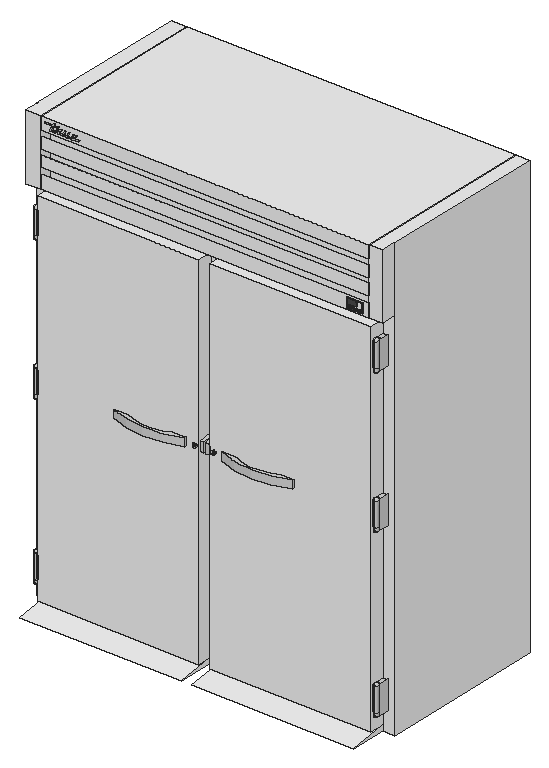
Revit family
Parameters
  Weight in Pounds = 0
  Watts = Volts * FL Amps  # 1357 W
  Volts = 115 V
  URL Cutsheet = "www.truemfg.com"
  URL = "www.truemfg.com"
  Type Mark [instance] = ""
  Type Comments = ""
  Status [instance] = ""
  Specification by User [instance] = ""
  Specification by Manufacturer = ""
  Show Logo [instance] = yes
  Show Clearance [instance] = yes
  Serial Number = ""
  Seismic Rating = ""
  SMACNA No = ""
  Revision Code [instance] = ""
  Phase = 1
  Omniclass Number and Title = ""
  Number of Poles [instance] = 1
  NAFEM Spec ID Number = ""
  Model = "STA2RRI-2S"
  Min Ckt Ampacity = 0 A
  Max Overcurrent Protection = 0 A
  Masterspec = ""
  Manufacturer = "TRUE FOOD SERVICE EQUIPMENT, INC."
  Length = 68"
  Item Number [instance] = ""
  Installed By [instance] = ""
  Identify Quantity as Lot [instance] = yes
  Height = 83 3/4"
  HP = "1/2"
  Furnished By [instance] = ""
  Foodservice Equipment Identifier [instance] = yes
  FL Amps = 11.8 A
  Electrical Remarks [instance] = ""
  Electric Connection Type [instance] = ""
  Elec Conn RI Height [instance] = 0"
  Elec Conn Connection Height [instance] = 0"
  Description = "Roll-in Solid Swing Door Refrigerator"
  Depth = 34 3/4"
  Cycle = 60 Hz
  Conn Plug = "5-15P"
  Conn Conduit = yes
  CSI MasterFormat = ""
  CSI Master Format = ""
  Apparent Power = if(Phase = 3, Volts * FL Amps * 1.73, Volts * FL Amps)  # 1357 VA
Reference planes (in)
  plane 1 "BACK": y = 0
  plane 2: z = 0
  plane 3 "LEFT": x = 0
  plane 4 "RIGHT": x = 68
  plane 5 "FRONT": y = -34.75
  plane 6 "TOP": z = 83.75
  plane 7: x = 2.84375
  plane 8: y = -34.7042
  plane 9: x = 34
  plane 10: z = 69.90625
Forms (in)
  Extrusion 1, solid, material "QF_Finishes_Chrome - Satin"
    sketch origin (0.05, 0, 0) x (1, 0, 0) y (0, 1, 0)
      loop
        line (-0.05, 0) -> (-0.05, -32) -> (2.87859, -32) -> (2.87859, 0) -> (-0.05, 0)
    from 0 to 83.75
  Extrusion 2, solid, material "QF_Finishes_Chrome - Satin"
    sketch origin (50.15, 0, 0) x (1, 0, 0) y (0, 1, 0)
      loop
        line (15.15, 0) -> (15.15, -32) -> (17.85, -32) -> (17.85, 0) -> (15.15, 0)
    from 0 to 83.75
  Extrusion 3, solid, material "QF_Finishes_Chrome - Satin"
    sketch origin (0, 0, 0) x (0, 1, 0) y (0, 0, 1)
      loop
        line (-34.7042, 71.28125) -> (-32, 71.28125) -> (-32, 0) -> (0, 0) -> (0, 83.75) -> (-34.7042, 83.75) -> (-34.7042, 81.40578) -> (-32.5, 79.83852) -> (-32.5, 78.71625) -> (-34.7042, 80.28351) -> (-34.7042, 78.1498) -> (-32.5, 76.58254) -> (-32.5, 75.62178) -> (-34.7042, 77.18904) -> (-34.7042, 75.09284) -> (-32.5, 73.52557) -> (-32.5, 72.25) -> (-34.7042, 73.81726) -> (-34.7042, 71.28125)
    from 2.92859 to 65.3
  Extrusion 4, solid, material "QF_Finishes_Chrome - Satin"
    sketch origin (0, 0, 0) x (1, 0, 0) y (0, 1, 0)
      loop
        line (67.84782, -32) -> (65.3, -32) -> (65.3, -34.75) -> (67.84782, -34.75) -> (67.84782, -32)
    from 71.28125 to 83.75
  Extrusion 5, solid, material "QF_Finishes_Chrome - Satin"
    sketch origin (-50.125, 0, 0.25) x (1, 0, 0) y (0, 1, 0)
      loop
        line (53.05359, -32) -> (50.24109, -32) -> (50.24109, -34.75) -> (53.05359, -34.75) -> (53.05359, -32)
    from 71.03125 to 83.5
  Extrusion 6, solid, material "QF_Finishes_Chrome - Satin"
    sketch origin (8.03125, -1, -0.71875) x (1, 0, 0) y (0, 0, 1)
      loop
        line (26.96875, 1.71875) -> (57.65625, 1.71875) -> (57.65625, 70.625) -> (26.96875, 70.625) -> (26.96875, 1.71875)
    from 31 to 33.75
  Extrusion 7, solid, material "QF_Finishes_Handrails and Railings"
    sketch origin (91.34375, -0.25, 26.43519) x (1, 0, 0) y (0, 1, 0)
      loop
        line (-53.875, -34.5) -> (-53.875, -34.7)
        arc (-53.875, -34.7) -> (-47.075, -36.14405) -> (-40.275, -34.7) r 16.7325
        line (-40.275, -34.7) -> (-40.275, -34.5) -> (-42.675, -34.5)
        arc (-42.675, -34.5) -> (-47.075, -35.65816) -> (-51.475, -34.5) r 8.93715
        line (-51.475, -34.5) -> (-53.875, -34.5)
    from 10.87731 to 12.37731
  Extrusion 8, solid, material "QF_Finishes_Handrails and Railings"
    sketch origin (9.34375, -1.08467, -2) x (1, 0, 0) y (0, 0, 1)
      loop
        circle (26.4375, 40.0625) r 0.35
      loop
        line (26.47265, 40.33635) -> (26.41715, 40.33635) -> (26.41715, 39.76895) -> (26.47265, 39.76895) -> (26.47265, 40.33635)
    from 33.5 to 33.83066
  Extrusion 9, solid, material "QF_Finishes_Handrails and Railings", visible <- "Show Logo"
    sketch origin (0.33478, 0.06376, 5.00294) x (1, 0, 0) y (0, 0, 1)
      loop
        line (3.46044, 78.08731) -> (3.35478, 77.86073) -> (4.76027, 77.86073)
        arc (4.76027, 77.86073) -> (4.78879, 77.81028) -> (4.76027, 77.75984) r 0.05887
        line (4.76027, 77.75984) -> (4.39369, 76.97372)
        arc (4.39369, 76.97372) -> (4.39051, 76.90091) -> (4.43975, 76.84717) r 0.09523
        line (4.43975, 76.84717) -> (5.33844, 76.84717)
        arc (5.33844, 76.84717) -> (5.45192, 76.88295) -> (5.52436, 76.97735) r 0.19785
        line (5.52436, 76.97735) -> (5.81285, 77.59601) -> (6.0779, 77.59601)
        arc (6.0779, 77.59601) -> (6.14744, 77.57043) -> (6.13737, 77.49703) r 0.05911
        line (6.13737, 77.49703) -> (5.89598, 76.97937)
        arc (5.89598, 76.97937) -> (5.89974, 76.8934) -> (5.97231, 76.84717) r 0.09318
        line (5.97231, 76.84717) -> (6.76198, 76.84717)
        arc (6.76198, 76.84717) -> (6.82249, 76.86919) -> (6.85468, 76.92495) r 0.09412
        arc (6.85468, 76.92495) -> (6.87746, 76.86995) -> (6.93246, 76.84717) r 0.07778
        line (6.93246, 76.84717) -> (7.43246, 76.84717)
        arc (7.43246, 76.84717) -> (7.49022, 76.86265) -> (7.53251, 76.90493) r 0.11552
        arc (7.53251, 76.90493) -> (7.55275, 76.85606) -> (7.60162, 76.83581) r 0.06912
        line (7.60162, 76.83581) -> (8.31225, 76.83581)
        arc (8.31225, 76.83581) -> (8.37034, 76.85988) -> (8.39441, 76.91797) r 0.08216
        arc (8.39441, 76.91797) -> (8.44767, 76.86472) -> (8.52042, 76.84522) r 0.14551
        line (8.52042, 76.84522) -> (9.85158, 76.84522) -> (9.99946, 77.10134) -> (8.65678, 77.10134)
        arc (8.65678, 77.10134) -> (8.61972, 77.12704) -> (8.61834, 77.17211) r 0.05009
        line (8.61834, 77.17211) -> (8.64157, 77.22192)
        arc (8.64157, 77.22192) -> (8.67723, 77.26864) -> (8.73327, 77.28635) r 0.09747
        line (8.73327, 77.28635) -> (9.16485, 77.28635)
        arc (9.16485, 77.28635) -> (9.258, 77.31131) -> (9.32619, 77.3795) r 0.1863
        line (9.32619, 77.3795) -> (9.45119, 77.59601)
        arc (9.45119, 77.59601) -> (9.45119, 77.71157) -> (9.35111, 77.76934) r 0.11556
        line (9.35111, 77.76934) -> (8.89562, 77.76934)
        arc (8.89562, 77.76934) -> (8.7795, 77.74962) -> (8.69849, 77.66412) r 0.18605
        line (8.69849, 77.66412) -> (8.48204, 77.19993)
        arc (8.48204, 77.19993) -> (8.41815, 77.11667) -> (8.31806, 77.08511) r 0.1745
        line (8.31806, 77.08511) -> (7.84559, 77.08511)
        arc (7.84559, 77.08511) -> (7.78903, 77.14684) -> (7.79268, 77.23048) r 0.10939
        line (7.79268, 77.23048) -> (8.04395, 77.76934) -> (7.88403, 77.76934) -> (7.61781, 77.19844)
        arc (7.61781, 77.19844) -> (7.56609, 77.13103) -> (7.48505, 77.10548) r 0.14128
        line (7.48505, 77.10548) -> (7.15925, 77.10548)
        arc (7.15925, 77.10548) -> (7.10419, 77.17723) -> (7.116, 77.26689) r 0.11816
        line (7.116, 77.26689) -> (7.3503, 77.76934) -> (7.18514, 77.76934) -> (6.91546, 77.191)
        arc (6.91546, 77.191) -> (6.85285, 77.12839) -> (6.76733, 77.10548) r 0.17104
        line (6.76733, 77.10548) -> (6.29555, 77.10548)
        arc (6.29555, 77.10548) -> (6.21082, 77.14499) -> (6.20267, 77.23813) r 0.0935
        line (6.20267, 77.23813) -> (6.35774, 77.57069) -> (6.57695, 77.57069)
        arc (6.57695, 77.57069) -> (6.61395, 77.68217) -> (6.69267, 77.76934) r 0.2857
        line (6.69267, 77.76934) -> (5.83605, 77.76934)
        arc (5.83605, 77.76934) -> (5.74086, 77.74824) -> (5.67498, 77.67635) r 0.16212
        line (5.67498, 77.67635) -> (5.44279, 77.17841)
        arc (5.44279, 77.17841) -> (5.3894, 77.12502) -> (5.31647, 77.10548) r 0.14586
        line (5.31647, 77.10548) -> (4.80506, 77.10548)
        arc (4.80506, 77.10548) -> (4.76514, 77.15942) -> (4.77274, 77.22609) r 0.09155
        line (4.77274, 77.22609) -> (5.11018, 77.86073) -> (5.96155, 77.86073) -> (6.06721, 78.08731) -> (5.21584, 78.08731) -> (5.32149, 78.31388) -> (5.01862, 78.31388) -> (4.91297, 78.08731) -> (3.46044, 78.08731)
      loop
        arc (8.83805, 77.56363) -> (8.80119, 77.55375) -> (8.7742, 77.52676) r 0.07373
        line (8.7742, 77.52676) -> (8.75229, 77.45936)
        arc (8.75229, 77.45936) -> (8.76245, 77.43483) -> (8.78699, 77.42466) r 0.0347
        line (8.78699, 77.42466) -> (9.15948, 77.42466)
        arc (9.15948, 77.42466) -> (9.18632, 77.43061) -> (9.20812, 77.44734) r 0.0635
        line (9.20812, 77.44734) -> (9.22624, 77.53122)
        arc (9.22624, 77.53122) -> (9.22091, 77.55368) -> (9.20009, 77.56363) r 0.02676
        line (9.20009, 77.56363) -> (8.83805, 77.56363)
    from 34.76797 to 34.83173
  Extrusion 10, solid, material "QF_Finishes_White"
    sketch origin (-22.74812, 0.0458, -7.95638) x (1, 0, 0) y (0, 0, 1)
      loop
        line (83.81732, 81.35727) -> (83.81732, 79.60996) -> (86.72357, 79.60996) -> (86.72357, 81.35727) -> (83.81732, 81.35727)
    from 34.75 to 34.76797
  Extrusion 11, solid, material "QF_Finishes_Black"
    sketch origin (-22.74812, 0.0458, -7.95638) x (1, 0, 0) y (0, 0, 1)
      loop
        line (86.78607, 81.41977) -> (83.75482, 81.41977) -> (83.75482, 79.54746) -> (86.78607, 79.54746) -> (86.78607, 81.41977)
      loop
        spline (83.95482, 79.87872) -> (83.96333, 79.86254) -> (83.98831, 79.84747) -> (84.02804, 79.83452) -> (84.07982, 79.82459) -> (84.14011, 79.81835) -> (84.20482, 79.81622) -> (84.26952, 79.81835) -> (84.32982, 79.82459) -> (84.38159, 79.83452) -> (84.42132, 79.84747) -> (84.4463, 79.86254) -> (84.45482, 79.87872)
        spline (84.45482, 79.87872) -> (84.4463, 79.89489) -> (84.42132, 79.90997) -> (84.38159, 79.92291) -> (84.32982, 79.93284) -> (84.26952, 79.93909) -> (84.20482, 79.94122) -> (84.14011, 79.93909) -> (84.07982, 79.93284) -> (84.02804, 79.92291) -> (83.98831, 79.90997) -> (83.96333, 79.89489) -> (83.95482, 79.87872)
      loop
        spline (84.65083, 79.87872) -> (84.65935, 79.86254) -> (84.68432, 79.84747) -> (84.72405, 79.83452) -> (84.77583, 79.82459) -> (84.83612, 79.81835) -> (84.90083, 79.81622) -> (84.96553, 79.81835) -> (85.02583, 79.82459) -> (85.07761, 79.83452) -> (85.11734, 79.84747) -> (85.14231, 79.86254) -> (85.15083, 79.87872)
        spline (85.15083, 79.87872) -> (85.14231, 79.89489) -> (85.11734, 79.90997) -> (85.07761, 79.92291) -> (85.02583, 79.93284) -> (84.96553, 79.93909) -> (84.90083, 79.94122) -> (84.83612, 79.93909) -> (84.77583, 79.93284) -> (84.72405, 79.92291) -> (84.68432, 79.90997) -> (84.65935, 79.89489) -> (84.65083, 79.87872)
      loop
        spline (85.40083, 79.87872) -> (85.40935, 79.86254) -> (85.43432, 79.84747) -> (85.47405, 79.83452) -> (85.52583, 79.82459) -> (85.58612, 79.81835) -> (85.65083, 79.81622) -> (85.71553, 79.81835) -> (85.77583, 79.82459) -> (85.82761, 79.83452) -> (85.86734, 79.84747) -> (85.89231, 79.86254) -> (85.90083, 79.87872)
        spline (85.90083, 79.87872) -> (85.89231, 79.89489) -> (85.86734, 79.90997) -> (85.82761, 79.92291) -> (85.77583, 79.93284) -> (85.71553, 79.93909) -> (85.65083, 79.94122) -> (85.58612, 79.93909) -> (85.52583, 79.93284) -> (85.47405, 79.92291) -> (85.43432, 79.90997) -> (85.40935, 79.89489) -> (85.40083, 79.87872)
      loop
        line (83.95481, 81.21978) -> (83.95481, 80.21978) -> (85.65433, 80.21978) -> (85.65433, 81.21978) -> (83.95481, 81.21978)
      loop
        line (86.72357, 81.35727) -> (83.81732, 81.35727) -> (83.81732, 79.60996) -> (86.72357, 79.60996) -> (86.72357, 81.35727)
      loop
        spline (86.15083, 79.87872) -> (86.15935, 79.86254) -> (86.18432, 79.84747) -> (86.22405, 79.83452) -> (86.27583, 79.82459) -> (86.33612, 79.81835) -> (86.40083, 79.81622) -> (86.46553, 79.81835) -> (86.52583, 79.82459) -> (86.57761, 79.83452) -> (86.61734, 79.84747) -> (86.64231, 79.86254) -> (86.65083, 79.87872)
        spline (86.65083, 79.87872) -> (86.64231, 79.89489) -> (86.61734, 79.90997) -> (86.57761, 79.92291) -> (86.52583, 79.93284) -> (86.46553, 79.93909) -> (86.40083, 79.94122) -> (86.33612, 79.93909) -> (86.27583, 79.93284) -> (86.22405, 79.92291) -> (86.18432, 79.90997) -> (86.15935, 79.89489) -> (86.15083, 79.87872)
    from 34.76797 to 34.80335
  Extrusion 12, solid
    sketch origin (-25.125, 0, 0) x (1, 0, 0) y (0, 0, 1)
      loop
        circle (89.875, 81.625) r 0.25
    from 0 to 0.0625
  Blend 13, solid, material "QF_Finishes_Handrails and Railings"
    base sketch origin (60.25, -1, 0) x (-1, 0, 0) y (0, 0, -1)
      loop
        line (25.25, -38.99169) -> (26, -38.99169) -> (26, -37.24169) -> (25.25, -37.24169) -> (25.25, -38.99169)
    top sketch origin (60.25, 0, 0) x (-1, 0, 0) y (0, 0, -1)
      loop
        line (26.18223, -36.6441) -> (25.25, -36.6441) -> (25.25, -39.42643) -> (26.18223, -39.42643) -> (26.18223, -36.6441)
    from 33.57883 to 32
  Extrusion 14, solid, material "QF_Finishes_Handrails and Railings"
    sketch origin (66.78125, 0, 3.5) x (0, 1, 0) y (0, 0, -1)
      loop
        line (-32, -64.17729) -> (-32, -58.86127) -> (-34.25, -58.86127) -> (-34.25, -59.57348) -> (-33.81497, -59.57348) -> (-33.81497, -63.97276)
        arc (-33.81497, -63.97276) -> (-33.75506, -64.11738) -> (-33.61044, -64.17729) r 0.20453
        line (-33.61044, -64.17729) -> (-32, -64.17729)
    from 0.17506 to 1
  Revolve 15, solid, material "QF_Finishes_Handrails and Railings"
    sketch origin (66.28125, 0, 3.5) x (0, 1, 0) y (0, 0, -1)
      loop
        line (-34.26563, -59.62689) -> (-34.67229, -59.62689) -> (-34.67229, -64.0986)
        arc (-34.67229, -64.0986) -> (-34.53722, -64.35057) -> (-34.26563, -64.43983) r 0.3848
        line (-34.26563, -64.43983) -> (-34.26563, -59.62689)
      loop
        line (-34.26563, -59.57348) -> (-34.26563, -58.67281)
        arc (-34.26563, -58.67281) -> (-34.53264, -58.75883) -> (-34.67229, -59.00212) r 0.38884
        line (-34.67229, -59.00212) -> (-34.67229, -59.57348) -> (-34.26563, -59.57348)
      axis (-34.26563, -58.67281) -> (-34.26563, -64.43983)
    angle from 0 to 360
  Extrusion 16, solid, material "QF_Finishes_Handrails and Railings"
    sketch origin (27.5, -1.07734, 3.5011) x (-1, 0, 0) y (0, 0, -1)
      loop
        line (-38.58509, -64.0986) -> (-38.1875, -64.0986) -> (-38.1875, -59.62579) -> (-38.58509, -59.62579) -> (-38.58509, -64.0986)
    from 32.81497 to 33.59495
  Extrusion 17, solid, material "QF_Finishes_Handrails and Railings"
    sketch origin (66.78125, 0, -24) x (0, 1, 0) y (0, 0, -1)
      loop
        line (-32, -64.55229) -> (-32, -59.23627) -> (-34.25, -59.23627) -> (-34.25, -59.94848) -> (-33.81497, -59.94848) -> (-33.81497, -64.34776)
        arc (-33.81497, -64.34776) -> (-33.75506, -64.49238) -> (-33.61044, -64.55229) r 0.20453
        line (-33.61044, -64.55229) -> (-32, -64.55229)
    from 0.17506 to 1
  Revolve 18, solid, material "QF_Finishes_Handrails and Railings"
    sketch origin (66.28125, 0, -24) x (0, 1, 0) y (0, 0, -1)
      loop
        line (-34.26563, -60.00189) -> (-34.67229, -60.00189) -> (-34.67229, -64.4736)
        arc (-34.67229, -64.4736) -> (-34.53722, -64.72557) -> (-34.26563, -64.81483) r 0.3848
        line (-34.26563, -64.81483) -> (-34.26563, -60.00189)
      loop
        line (-34.26563, -59.94848) -> (-34.26563, -59.04781)
        arc (-34.26563, -59.04781) -> (-34.53264, -59.13383) -> (-34.67229, -59.37712) r 0.38884
        line (-34.67229, -59.37712) -> (-34.67229, -59.94848) -> (-34.26563, -59.94848)
      axis (-34.26563, -59.04781) -> (-34.26563, -64.81483)
    angle from 0 to 360
  Extrusion 19, solid, material "QF_Finishes_Handrails and Railings"
    sketch origin (27.5, -1.07734, -23.9989) x (-1, 0, 0) y (0, 0, -1)
      loop
        line (-38.58509, -64.4736) -> (-38.1875, -64.4736) -> (-38.1875, -60.00079) -> (-38.58509, -60.00079) -> (-38.58509, -64.4736)
    from 32.81497 to 33.59495
  Extrusion 20, solid, material "QF_Finishes_Handrails and Railings"
    sketch origin (66.78125, 0, -55.5) x (0, 1, 0) y (0, 0, -1)
      loop
        line (-32, -64.55229) -> (-32, -59.23627) -> (-34.25, -59.23627) -> (-34.25, -59.94848) -> (-33.81497, -59.94848) -> (-33.81497, -64.34776)
        arc (-33.81497, -64.34776) -> (-33.75506, -64.49238) -> (-33.61044, -64.55229) r 0.20453
        line (-33.61044, -64.55229) -> (-32, -64.55229)
    from 0.17506 to 1
  Revolve 21, solid, material "QF_Finishes_Handrails and Railings"
    sketch origin (66.28125, 0, -55.5) x (0, 1, 0) y (0, 0, -1)
      loop
        line (-34.26563, -60.00189) -> (-34.67229, -60.00189) -> (-34.67229, -64.4736)
        arc (-34.67229, -64.4736) -> (-34.53722, -64.72557) -> (-34.26563, -64.81483) r 0.3848
        line (-34.26563, -64.81483) -> (-34.26563, -60.00189)
      loop
        line (-34.26563, -59.94848) -> (-34.26563, -59.04781)
        arc (-34.26563, -59.04781) -> (-34.53264, -59.13383) -> (-34.67229, -59.37712) r 0.38884
        line (-34.67229, -59.37712) -> (-34.67229, -59.94848) -> (-34.26563, -59.94848)
      axis (-34.26563, -59.04781) -> (-34.26563, -64.81483)
    angle from 0 to 360
  Extrusion 22, solid, material "QF_Finishes_Handrails and Railings"
    sketch origin (27.5, -1.07734, -55.4989) x (-1, 0, 0) y (0, 0, -1)
      loop
        line (-38.58509, -64.4736) -> (-38.1875, -64.4736) -> (-38.1875, -60.00079) -> (-38.58509, -60.00079) -> (-38.58509, -64.4736)
    from 32.81497 to 33.59495
  Extrusion 23, solid, material "QF_Finishes_Chrome - Satin"
    sketch origin (65.6875, -1, 8.03125) x (0, 0, 1) y (0, -1, 0)
      loop
        line (-8.03125, 37.875) -> (-8.03125, 31) -> (-7.03125, 31) -> (-8.03125, 37.875)
    from 0 to -30.6875
  Extrusion 24, solid, material "QF_Finishes_Chrome - Satin"
    sketch origin (59.96875, -1, -0.71875) x (-1, 0, 0) y (0, 0, -1)
      loop
        line (26.96875, -1.71875) -> (26.96875, -70.625) -> (57.65625, -70.625) -> (57.65625, -1.71875) -> (26.96875, -1.71875)
    from 31 to 33.75
  Extrusion 25, solid, material "QF_Finishes_Handrails and Railings"
    sketch origin (-23.34375, -0.25, 26.43519) x (1, 0, 0) y (0, 1, 0)
      loop
        line (53.875, -34.5) -> (51.475, -34.5)
        arc (51.475, -34.5) -> (47.075, -35.65816) -> (42.675, -34.5) r 8.93715
        line (42.675, -34.5) -> (40.275, -34.5) -> (40.275, -34.7)
        arc (40.275, -34.7) -> (47.075, -36.14405) -> (53.875, -34.7) r 16.7325
        line (53.875, -34.7) -> (53.875, -34.5)
    from 10.87731 to 12.37731
  Extrusion 26, solid, material "QF_Finishes_Handrails and Railings"
    sketch origin (58.65625, -1.08467, -2) x (-1, 0, 0) y (0, 0, -1)
      loop
        circle (26.4375, -40.0625) r 0.35
      loop
        line (26.47265, -40.33635) -> (26.47265, -39.76895) -> (26.41715, -39.76895) -> (26.41715, -40.33635) -> (26.47265, -40.33635)
    from 33.5 to 33.83066
  Blend 27, solid, material "QF_Finishes_Handrails and Railings"
    base sketch origin (7.75, -1, 0) x (1, 0, 0) y (0, 0, 1)
      loop
        line (25.25, 38.99169) -> (25.25, 37.24169) -> (26, 37.24169) -> (26, 38.99169) -> (25.25, 38.99169)
    top sketch origin (7.75, 0, 0) x (1, 0, 0) y (0, 0, 1)
      loop
        line (26.18223, 36.6441) -> (26.18223, 39.42643) -> (25.25, 39.42643) -> (25.25, 36.6441) -> (26.18223, 36.6441)
    from 33.57883 to 32
  Extrusion 28, solid, material "QF_Finishes_Handrails and Railings"
    sketch origin (1.21875, 0, 3.5) x (0, 1, 0) y (0, 0, 1)
      loop
        line (-32, 64.17729) -> (-33.61044, 64.17729)
        arc (-33.61044, 64.17729) -> (-33.75506, 64.11738) -> (-33.81497, 63.97276) r 0.20453
        line (-33.81497, 63.97276) -> (-33.81497, 59.57348) -> (-34.25, 59.57348) -> (-34.25, 58.86127) -> (-32, 58.86127) -> (-32, 64.17729)
    from 0.17506 to 1
  Revolve 29, solid, material "QF_Finishes_Handrails and Railings"
    sketch origin (1.71875, 0, 3.5) x (0, 1, 0) y (0, 0, 1)
      loop
        line (-34.26563, 59.62689) -> (-34.26563, 64.43983)
        arc (-34.26563, 64.43983) -> (-34.53722, 64.35057) -> (-34.67229, 64.0986) r 0.3848
        line (-34.67229, 64.0986) -> (-34.67229, 59.62689) -> (-34.26563, 59.62689)
      loop
        line (-34.26563, 59.57348) -> (-34.67229, 59.57348) -> (-34.67229, 59.00212)
        arc (-34.67229, 59.00212) -> (-34.53264, 58.75883) -> (-34.26563, 58.67281) r 0.38884
        line (-34.26563, 58.67281) -> (-34.26563, 59.57348)
      axis (-34.26563, 58.67281) -> (-34.26563, 64.43983)
    angle from 0 to 360
  Extrusion 30, solid, material "QF_Finishes_Handrails and Railings"
    sketch origin (40.5, -1.07734, 3.5011) x (1, 0, 0) y (0, 0, 1)
      loop
        line (-38.58509, 64.0986) -> (-38.58509, 59.62579) -> (-38.1875, 59.62579) -> (-38.1875, 64.0986) -> (-38.58509, 64.0986)
    from 32.81497 to 33.59495
  Extrusion 31, solid, material "QF_Finishes_Handrails and Railings"
    sketch origin (1.21875, 0, -24) x (0, 1, 0) y (0, 0, 1)
      loop
        line (-32, 64.55229) -> (-33.61044, 64.55229)
        arc (-33.61044, 64.55229) -> (-33.75506, 64.49238) -> (-33.81497, 64.34776) r 0.20453
        line (-33.81497, 64.34776) -> (-33.81497, 59.94848) -> (-34.25, 59.94848) -> (-34.25, 59.23627) -> (-32, 59.23627) -> (-32, 64.55229)
    from 0.17506 to 1
  Revolve 32, solid, material "QF_Finishes_Handrails and Railings"
    sketch origin (1.71875, 0, -24) x (0, 1, 0) y (0, 0, 1)
      loop
        line (-34.26563, 60.00189) -> (-34.26563, 64.81483)
        arc (-34.26563, 64.81483) -> (-34.53722, 64.72557) -> (-34.67229, 64.4736) r 0.3848
        line (-34.67229, 64.4736) -> (-34.67229, 60.00189) -> (-34.26563, 60.00189)
      loop
        line (-34.26563, 59.94848) -> (-34.67229, 59.94848) -> (-34.67229, 59.37712)
        arc (-34.67229, 59.37712) -> (-34.53264, 59.13383) -> (-34.26563, 59.04781) r 0.38884
        line (-34.26563, 59.04781) -> (-34.26563, 59.94848)
      axis (-34.26563, 59.04781) -> (-34.26563, 64.81483)
    angle from 0 to 360
  Extrusion 33, solid, material "QF_Finishes_Handrails and Railings"
    sketch origin (40.5, -1.07734, -23.9989) x (1, 0, 0) y (0, 0, 1)
      loop
        line (-38.58509, 64.4736) -> (-38.58509, 60.00079) -> (-38.1875, 60.00079) -> (-38.1875, 64.4736) -> (-38.58509, 64.4736)
    from 32.81497 to 33.59495
  Extrusion 34, solid, material "QF_Finishes_Handrails and Railings"
    sketch origin (1.21875, 0, -55.5) x (0, 1, 0) y (0, 0, 1)
      loop
        line (-32, 64.55229) -> (-33.61044, 64.55229)
        arc (-33.61044, 64.55229) -> (-33.75506, 64.49238) -> (-33.81497, 64.34776) r 0.20453
        line (-33.81497, 64.34776) -> (-33.81497, 59.94848) -> (-34.25, 59.94848) -> (-34.25, 59.23627) -> (-32, 59.23627) -> (-32, 64.55229)
    from 0.17506 to 1
  Revolve 35, solid, material "QF_Finishes_Handrails and Railings"
    sketch origin (1.71875, 0, -55.5) x (0, 1, 0) y (0, 0, 1)
      loop
        line (-34.26563, 60.00189) -> (-34.26563, 64.81483)
        arc (-34.26563, 64.81483) -> (-34.53722, 64.72557) -> (-34.67229, 64.4736) r 0.3848
        line (-34.67229, 64.4736) -> (-34.67229, 60.00189) -> (-34.26563, 60.00189)
      loop
        line (-34.26563, 59.94848) -> (-34.67229, 59.94848) -> (-34.67229, 59.37712)
        arc (-34.67229, 59.37712) -> (-34.53264, 59.13383) -> (-34.26563, 59.04781) r 0.38884
        line (-34.26563, 59.04781) -> (-34.26563, 59.94848)
      axis (-34.26563, 59.04781) -> (-34.26563, 64.81483)
    angle from 0 to 360
  Extrusion 36, solid, material "QF_Finishes_Handrails and Railings"
    sketch origin (40.5, -1.07734, -55.4989) x (1, 0, 0) y (0, 0, 1)
      loop
        line (-38.58509, 64.4736) -> (-38.58509, 60.00079) -> (-38.1875, 60.00079) -> (-38.1875, 64.4736) -> (-38.58509, 64.4736)
    from 32.81497 to 33.59495
  Extrusion 37, solid, material "QF_Finishes_Chrome - Satin"
    sketch origin (2.3125, -1, 8.03125) x (0, 0, 1) y (0, 1, 0)
      loop
        line (-8.03125, -37.875) -> (-7.03125, -31) -> (-8.03125, -31) -> (-8.03125, -37.875)
    from 0 to -30.6875
  Extrusion 38, solid, material "QF_Finishes_Door Clearance", visible <- "Show Clearance", detail levels coarse
    sketch origin (32.71875, -1, 1) x (0, 1, 0) y (1, 0, 0)
      loop
        line (-33.75, -30.40625) -> (-33.75, 0.28125)
        arc (-33.75, 0.28125) -> (-55.44934, -8.70691) -> (-64.4375, -30.40625) r 30.6875
        line (-64.4375, -30.40625) -> (-33.75, -30.40625)
      loop
        line (-33.75, 32.96875) -> (-64.4375, 32.96875)
        arc (-64.4375, 32.96875) -> (-55.44934, 11.26941) -> (-33.75, 2.28125) r 30.6875
        line (-33.75, 2.28125) -> (-33.75, 32.96875)
    from 0 to -68.90625
Cuts and joins
  joined: Extrusion 1, Extrusion 2, Extrusion 4, Extrusion 5
Lines and regions (in)
  symbolic lines
    curve 1: line (0, 0, 0) -> (68, 0, 0)
    curve 2: line (0, -34.75, 0) -> (0, 0, 0)
    curve 3: line (68, -34.75, 0) -> (0, -34.75, 0)
    curve 4: line (68, 0, 0) -> (68, -34.75, 0)
    curve 5: line (68, -32.5, 0) -> (0, -32.5, 0)
    curve 6: arc (28.13125, -34.75, 0) -> (23.73125, -35.90816, 0) -> (19.33125, -34.75, 0) r 8.93715
    curve 7: arc (16.93125, -34.95, 0) -> (23.73125, -36.39405, 0) -> (30.53125, -34.95, 0) r 16.7325
    curve 8: line (16.93125, -34.75, 0) -> (16.93125, -34.95, 0)
    curve 9: line (30.53125, -34.95, 0) -> (30.53125, -34.75, 0)
    curve 10: arc (48.66875, -34.75, 0) -> (44.26875, -35.90816, 0) -> (39.86875, -34.75, 0) r 8.93715
    curve 11: arc (37.46875, -34.95, 0) -> (44.26875, -36.39405, 0) -> (51.06875, -34.95, 0) r 16.7325
    curve 12: line (37.46875, -34.75, 0) -> (37.46875, -34.95, 0)
    curve 13: line (51.06875, -34.95, 0) -> (51.06875, -34.75, 0)
  symbolic lines, style "QF_Door Swings", visible <- "Show Clearance", detail levels coarse
    curve 14: line (2.3125, -34.75, 0) -> (2.3125, -65.4375, 0)
    curve 15: arc (33, -34.75, 0) -> (24.01184, -56.44934, 0) -> (2.3125, -65.4375, 0) r 30.6875
    curve 16: arc (65.6875, -65.4375, 0) -> (43.98816, -56.44934, 0) -> (35, -34.75, 0) r 30.6875
    curve 17: line (65.6875, -65.4375, 0) -> (65.6875, -34.75, 0)
Dimensions and locks (in)
  "Depth": plane 5 "FRONT" to plane 1 "BACK"
  plane 6 "TOP" to level = 83 3/4"  (x2)
  Extrusion 6 sketch curve to Extrusion 6 sketch curve = 30 11/16"
  Extrusion 6 to plane 1 "BACK" = 34 3/4"
  "Length": plane 3 "LEFT" to plane 4 "RIGHT"
  plane 4 "RIGHT" to plane 3 "LEFT" = 68"
  equal spacing: plane 3 "LEFT", plane 9, plane 4 "RIGHT"
  Extrusion 24 sketch curve to Extrusion 24 sketch curve = 30 11/16"
  plane 10 to level = 69 29/32"
  aligned and locked: level to plane 2
Automatic sketch dimensions
  plane 1 "BACK" to curve 1 = 0"
  curve 1 to plane 3 "LEFT" = 0"
  plane 5 "FRONT" to curve 8 = 0"
  curve 4 to plane 4 "RIGHT" = 0"
  plane 5 "FRONT" to curve 7 = 0.2"
  plane 7 to curve 7 = 14.0875"
  curve 8 to curve 6 = 2.4"
  curve 6 to curve 6 = 4.4"
  curve 7 to curve 6 = 0"
  plane 5 "FRONT" to curve 9 = 0.2"
  plane 5 "FRONT" to curve 12 = 0.2"
  curve 12 to plane 9 = 3 15/32"
  curve 12 to curve 10 = 2.4"
  curve 10 to curve 10 = 4.4"
  curve 11 to curve 10 = 0"
  plane 5 "FRONT" to curve 11 = 0.2"
  curve 5 to plane 5 "FRONT" = 2 1/4"
  curve 10 to plane 5 "FRONT" = 7.77899"
  curve 6 to plane 5 "FRONT" = 7.77899"
  curve 10 to curve 11 = 7.30945"
  curve 6 to curve 7 = 7.30945"
  Extrusion 1 sketch curve to plane 3 "LEFT" = 0"
  plane 1 "BACK" to Extrusion 1 sketch curve = 0"
  plane 7 to Extrusion 1 sketch curve = 0.08484"
  Extrusion 1 sketch curve to plane 5 "FRONT" = 2 3/4"
  plane 1 "BACK" to Extrusion 2 sketch curve = 0"
  Extrusion 2 sketch curve to plane 4 "RIGHT" = 0"
  Extrusion 2 sketch curve to plane 4 "RIGHT" = 2.7"
  Extrusion 2 sketch curve to plane 5 "FRONT" = 2 3/4"
  Extrusion 3 sketch curve to plane 8 = 0"  (x4)
  Extrusion 3 sketch curve to level = 0"
  Extrusion 3 sketch curve to plane 6 "TOP" = 0"
  plane 8 to Extrusion 3 sketch curve = 2.2042"  (x2)
  Extrusion 3 sketch curve to Extrusion 3 sketch curve = 0"
  Extrusion 3 sketch curve to Extrusion 3 sketch curve = 1/2"
  plane 1 "BACK" to Extrusion 3 sketch curve = 0"
  Extrusion 3 sketch curve to plane 6 "TOP" = 12 15/32"
  Extrusion 3 sketch curve to Extrusion 3 sketch curve = 31/32"
  Extrusion 3 sketch curve to Extrusion 3 sketch curve = 1.27557"  (x2)
  Extrusion 3 sketch curve to Extrusion 3 sketch curve = 0.29169"
  Extrusion 3 sketch curve to Extrusion 3 sketch curve = 2.0962"  (x2)
  Extrusion 3 sketch curve to Extrusion 3 sketch curve = 0.96076"  (x2)
  Extrusion 3 sketch curve to Extrusion 3 sketch curve = 2.13371"  (x2)
  Extrusion 3 sketch curve to Extrusion 3 sketch curve = 1.12227"  (x2)
  plane 5 "FRONT" to Extrusion 4 sketch curve = 0"
  Extrusion 4 sketch curve to plane 4 "RIGHT" = 2.7"
  Extrusion 4 sketch curve to plane 4 "RIGHT" = 0.15218"
  Extrusion 4 sketch curve to plane 5 "FRONT" = 2 3/4"
  plane 5 "FRONT" to Extrusion 5 sketch curve = 0"
  plane 3 "LEFT" to Extrusion 5 sketch curve = 0.11609"
  plane 7 to Extrusion 5 sketch curve = 0.08484"
  Extrusion 5 sketch curve to plane 5 "FRONT" = 2 3/4"
  Extrusion 6 sketch curve to plane 9 = 1"
  level to Extrusion 6 sketch curve = 1"
  Extrusion 6 sketch curve to plane 6 "TOP" = 13 27/32"
  plane 5 "FRONT" to Extrusion 7 sketch curve = 0"  (x2)
  Extrusion 7 sketch curve to plane 9 = 3 15/32"
  Extrusion 7 sketch curve to Extrusion 7 sketch curve = 2.4"  (x2)
  Extrusion 7 sketch curve to Extrusion 7 sketch curve = 4.4"
  Extrusion 7 sketch curve to Extrusion 7 sketch curve = 0"
  Extrusion 7 sketch curve to Extrusion 7 sketch curve = 0.2"
  Extrusion 7 sketch curve to plane 5 "FRONT" = 7.77899"
  Extrusion 7 sketch curve to Extrusion 7 sketch curve = 7.30945"
  Extrusion 8 sketch curve to plane 9 = 1.7609"
  Extrusion 8 sketch curve to Extrusion 8 sketch curve = 0.02035"
  Extrusion 8 sketch curve to Extrusion 8 sketch curve = 0.0555"
  level to Extrusion 8 sketch curve = 37.76895"
  Extrusion 8 sketch curve to Extrusion 8 sketch curve = 0.29355"
  Extrusion 8 sketch curve to Extrusion 8 sketch curve = 0.27385"
  plane 7 to Extrusion 9 sketch curve = 0.84582"
  Extrusion 9 sketch curve to Extrusion 9 sketch curve = 0.10565"  (x5)
  Extrusion 9 sketch curve to Extrusion 9 sketch curve = 1.03891"
  Extrusion 9 sketch curve to Extrusion 9 sketch curve = 0.04606"
  Extrusion 9 sketch curve to Extrusion 9 sketch curve = 0.08631"
  Extrusion 9 sketch curve to Extrusion 9 sketch curve = 0.33624"
  Extrusion 9 sketch curve to Extrusion 9 sketch curve = 0.03034"  (x2)
  Extrusion 9 sketch curve to Extrusion 9 sketch curve = 0.29274"
  Extrusion 9 sketch curve to Extrusion 9 sketch curve = 0.03232"
  Extrusion 9 sketch curve to Extrusion 9 sketch curve = 0.04851"
  Extrusion 9 sketch curve to plane 6 "TOP" = 0.65975"
  Extrusion 9 sketch curve to Extrusion 9 sketch curve = 0.1527"
  Extrusion 9 sketch curve to plane 6 "TOP" = 0.43317"
  Extrusion 9 sketch curve to Extrusion 9 sketch curve = 0.19721"
  Extrusion 9 sketch curve to Extrusion 9 sketch curve = 0.4629"
  Extrusion 9 sketch curve to Extrusion 9 sketch curve = 0.02197"
  Extrusion 9 sketch curve to Extrusion 9 sketch curve = 0.12632"
  Extrusion 9 sketch curve to Extrusion 9 sketch curve = 0.18591"
  Extrusion 9 sketch curve to plane 6 "TOP" = 1.0707"
  Extrusion 9 sketch curve to Extrusion 9 sketch curve = 0.2322"
  Extrusion 9 sketch curve to Extrusion 9 sketch curve = 0.13786"
  Extrusion 9 sketch curve to Extrusion 9 sketch curve = 0.00907"
  Extrusion 9 sketch curve to Extrusion 9 sketch curve = 0.01413"
  Extrusion 9 sketch curve to Extrusion 9 sketch curve = 0.37162"
  Extrusion 9 sketch curve to plane 6 "TOP" = 0.88633"
  Extrusion 9 sketch curve to Extrusion 9 sketch curve = 0.12551"
  Extrusion 9 sketch curve to Extrusion 9 sketch curve = 0.07633"
  Extrusion 9 sketch curve to Extrusion 9 sketch curve = 0.08445"
  Extrusion 9 sketch curve to Extrusion 9 sketch curve = 0.25598"
  Extrusion 9 sketch curve to Extrusion 9 sketch curve = 0.01887"
  Extrusion 9 sketch curve to Extrusion 9 sketch curve = 0.04061"
  Extrusion 9 sketch curve to plane 6 "TOP" = 1.50892"
  Extrusion 9 sketch curve to Extrusion 9 sketch curve = 0.0653"
  Extrusion 9 sketch curve to Extrusion 9 sketch curve = 0.08474"
  Extrusion 9 sketch curve to Extrusion 9 sketch curve = 0.00815"
  Extrusion 9 sketch curve to Extrusion 9 sketch curve = 0.22037"
  Extrusion 9 sketch curve to Extrusion 9 sketch curve = 0.21921"
  Extrusion 9 sketch curve to Extrusion 9 sketch curve = 0.11572"
  Extrusion 9 sketch curve to Extrusion 9 sketch curve = 0.46643"
  Extrusion 9 sketch curve to Extrusion 9 sketch curve = 0.00535"
  Extrusion 9 sketch curve to Extrusion 9 sketch curve = 0.09269"
  Extrusion 9 sketch curve to Extrusion 9 sketch curve = 0.09348"
  Extrusion 9 sketch curve to Extrusion 9 sketch curve = 0.14812"
  Extrusion 9 sketch curve to Extrusion 9 sketch curve = 0.07778"
  Extrusion 9 sketch curve to Extrusion 9 sketch curve = 0.20054"
  Extrusion 9 sketch curve to Extrusion 9 sketch curve = 0.04325"
  Extrusion 9 sketch curve to plane 6 "TOP" = 0.97771"  (x2)
  Extrusion 9 sketch curve to Extrusion 9 sketch curve = 0.32433"
  Extrusion 9 sketch curve to Extrusion 9 sketch curve = 0.10233"  (x2)
  Extrusion 9 sketch curve to Extrusion 9 sketch curve = 0.16515"
  Extrusion 9 sketch curve to Extrusion 9 sketch curve = 0.27321"
  Extrusion 9 sketch curve to Extrusion 9 sketch curve = 0.0526"
  Extrusion 9 sketch curve to Extrusion 9 sketch curve = 0.10005"
  Extrusion 9 sketch curve to Extrusion 9 sketch curve = 0.06912"
  Extrusion 9 sketch curve to Extrusion 9 sketch curve = 0.13276"
  Extrusion 9 sketch curve to plane 6 "TOP" = 1.51658"
  Extrusion 9 sketch curve to Extrusion 9 sketch curve = 0.17486"
  Extrusion 9 sketch curve to Extrusion 9 sketch curve = 0.05291"
  Extrusion 9 sketch curve to Extrusion 9 sketch curve = 0.53374"
  Extrusion 9 sketch curve to Extrusion 9 sketch curve = 0.09914"
  Extrusion 9 sketch curve to Extrusion 9 sketch curve = 0.15992"
  Extrusion 9 sketch curve to Extrusion 9 sketch curve = 0.46666"
  Extrusion 9 sketch curve to Extrusion 9 sketch curve = 0.00582"
  Extrusion 9 sketch curve to Extrusion 9 sketch curve = 0.08216"
  Extrusion 9 sketch curve to Extrusion 9 sketch curve = 0.16397"
  Extrusion 9 sketch curve to Extrusion 9 sketch curve = 0.12601"
  Extrusion 9 sketch curve to plane 6 "TOP" = 1.57494"
  Extrusion 9 sketch curve to Extrusion 9 sketch curve = 0.1363"
  Extrusion 9 sketch curve to plane 6 "TOP" = 1.52514"
  Extrusion 9 sketch curve to Extrusion 9 sketch curve = 0.02323"
  Extrusion 9 sketch curve to Extrusion 9 sketch curve = 0.03844"
  Extrusion 9 sketch curve to Extrusion 9 sketch curve = 0.0454"
  Extrusion 9 sketch curve to Extrusion 9 sketch curve = 0.05693"
  Extrusion 9 sketch curve to Extrusion 9 sketch curve = 0.0917"
  Extrusion 9 sketch curve to Extrusion 9 sketch curve = 0.01902"
  Extrusion 9 sketch curve to Extrusion 9 sketch curve = 0.02191"
  Extrusion 9 sketch curve to Extrusion 9 sketch curve = 0.0347"
  Extrusion 9 sketch curve to Extrusion 9 sketch curve = 0.06385"
  Extrusion 9 sketch curve to Extrusion 9 sketch curve = 0.02906"
  Extrusion 9 sketch curve to Extrusion 9 sketch curve = 0.02851"
  Extrusion 9 sketch curve to Extrusion 9 sketch curve = 0.29237"
  Extrusion 9 sketch curve to Extrusion 9 sketch curve = 0.00537"
  Extrusion 9 sketch curve to Extrusion 9 sketch curve = 0.0406"
  Extrusion 9 sketch curve to plane 6 "TOP" = 1.29971"
  Extrusion 9 sketch curve to Extrusion 9 sketch curve = 0.04327"
  Extrusion 9 sketch curve to Extrusion 9 sketch curve = 0.02615"
  Extrusion 9 sketch curve to plane 6 "TOP" = 1.36755"
  Extrusion 9 sketch curve to Extrusion 9 sketch curve = 0.11806"
  Extrusion 9 sketch curve to Extrusion 9 sketch curve = 0.15103"
  Extrusion 9 sketch curve to Extrusion 9 sketch curve = 0.10007"
  Extrusion 9 sketch curve to Extrusion 9 sketch curve = 0.5254"
  Extrusion 9 sketch curve to plane 6 "TOP" = 1.64572"
  Extrusion 9 sketch curve to Extrusion 9 sketch curve = 0.14787"
  Extrusion 9 sketch curve to Extrusion 9 sketch curve = 0.14537"
  Extrusion 9 sketch curve to Extrusion 9 sketch curve = 0.63134"
  Extrusion 9 sketch curve to Extrusion 9 sketch curve = 0.11061"
  Extrusion 9 sketch curve to Extrusion 9 sketch curve = 0.25876"
  Extrusion 9 sketch curve to Extrusion 9 sketch curve = 0.06767"
  Extrusion 9 sketch curve to Extrusion 9 sketch curve = 0.12655"
  Extrusion 9 sketch curve to Extrusion 9 sketch curve = 0.12242"
  Extrusion 9 sketch curve to Extrusion 9 sketch curve = 0.29684"
  Extrusion 9 sketch curve to Extrusion 9 sketch curve = 0.03938"
  Extrusion 9 sketch curve to Extrusion 9 sketch curve = 0.06046"
  Extrusion 9 sketch curve to Extrusion 9 sketch curve = 0.13266"
  Extrusion 9 sketch curve to Extrusion 9 sketch curve = 0.14279"
  Extrusion 9 sketch curve to Extrusion 9 sketch curve = 0.07293"
  Extrusion 9 sketch curve to Extrusion 9 sketch curve = 0.07764"
  Extrusion 9 sketch curve to Extrusion 9 sketch curve = 0.03794"
  Extrusion 9 sketch curve to Extrusion 9 sketch curve = 0.08552"
  Extrusion 9 sketch curve to Extrusion 9 sketch curve = 0.09296"
  Extrusion 9 sketch curve to Extrusion 9 sketch curve = 0.02781"
  Extrusion 9 sketch curve to Extrusion 9 sketch curve = 0.04799"
  Extrusion 9 sketch curve to Extrusion 9 sketch curve = 0.03054"
  Extrusion 9 sketch curve to Extrusion 9 sketch curve = 0.2589"
  Extrusion 9 sketch curve to Extrusion 9 sketch curve = 0.0674"
  Extrusion 9 sketch curve to Extrusion 9 sketch curve = 0.0324"
  Extrusion 9 sketch curve to Extrusion 9 sketch curve = 0.26185"
  Extrusion 9 sketch curve to Extrusion 9 sketch curve = 11/256"
  Extrusion 9 sketch curve to Extrusion 9 sketch curve = 0.07366"
  Extrusion 9 sketch curve to Extrusion 9 sketch curve = 0.02187"
  Extrusion 9 sketch curve to Extrusion 9 sketch curve = 0.06479"
  Extrusion 9 sketch curve to Extrusion 9 sketch curve = 0.05778"
  Extrusion 9 sketch curve to Extrusion 9 sketch curve = 0.32747"
  Extrusion 9 sketch curve to Extrusion 9 sketch curve = 0.05045"
  Extrusion 9 sketch curve to Extrusion 9 sketch curve = 29/128"
  Extrusion 10 sketch curve to plane 4 "RIGHT" = 6.9308"
  Extrusion 10 sketch curve to Extrusion 10 sketch curve = 2 29/32"
  Extrusion 10 sketch curve to plane 6 "TOP" = 12.09642"
  Extrusion 10 sketch curve to Extrusion 10 sketch curve = 1.74732"
  Extrusion 11 sketch curve to plane 4 "RIGHT" = 6.9933"
  Extrusion 11 sketch curve to Extrusion 11 sketch curve = 1/16"  (x4)
  Extrusion 11 sketch curve to Extrusion 11 sketch curve = 0.1375"  (x3)
  Extrusion 11 sketch curve to Extrusion 11 sketch curve = 1/4"  (x4)
  Extrusion 11 sketch curve to Extrusion 11 sketch curve = 0.44601"
  Extrusion 11 sketch curve to Extrusion 11 sketch curve = 1/2"  (x2)
  Extrusion 11 sketch curve to Extrusion 11 sketch curve = 0.0035"
  Extrusion 11 sketch curve to Extrusion 11 sketch curve = 1.06923"
  Extrusion 11 sketch curve to plane 6 "TOP" = 12.15892"
  Extrusion 11 sketch curve to Extrusion 11 sketch curve = 0.26876"  (x2)
  Extrusion 11 sketch curve to Extrusion 11 sketch curve = 0"  (x2)
  Extrusion 11 sketch curve to Extrusion 11 sketch curve = 0.34106"
  Extrusion 11 sketch curve to Extrusion 11 sketch curve = 1"
  Extrusion 12 sketch curve to plane 4 "RIGHT" = 3 1/4"
  Extrusion 12 sketch curve to plane 6 "TOP" = 2 1/8"
  Blend 13 sketch curve to plane 9 = 1"
  Blend 13 sketch curve to plane 9 = 1/4"
  level to Blend 13 sketch curve = 38.99169"
  Blend 13 sketch curve to Blend 13 sketch curve = 1 3/4"
  plane 9 to Blend 13 sketch curve = 1"
  plane 9 to Blend 13 sketch curve = 0.06777"
  Blend 13 sketch curve to level = 36.6441"
  Blend 13 sketch curve to Blend 13 sketch curve = 2.78233"
  Extrusion 14 sketch curve to plane 5 "FRONT" = 1/2"
  Extrusion 14 sketch curve to Extrusion 14 sketch curve = 0.43503"
  Extrusion 14 sketch curve to Extrusion 14 sketch curve = 0.20453"
  Extrusion 14 sketch curve to Extrusion 14 sketch curve = 1.61044"
  Extrusion 14 sketch curve to plane 6 "TOP" = 16.07271"
  Extrusion 14 sketch curve to Extrusion 14 sketch curve = 4.39928"
  Extrusion 14 sketch curve to Extrusion 14 sketch curve = 0.71221"
  Revolve 15 sketch curve to plane 5 "FRONT" = 0.07771"  (x2)
  Revolve 15 sketch curve to Revolve 15 sketch curve = 0.38242"
  Revolve 15 sketch curve to Revolve 15 sketch curve = 0.38436"
  Revolve 15 sketch curve to plane 5 "FRONT" = 31/64"
  Revolve 15 sketch curve to Revolve 15 sketch curve = 0.40666"
  Revolve 15 sketch curve to Revolve 15 sketch curve = 0"
  Revolve 15 sketch curve to plane 6 "TOP" = 15.25492"
  Revolve 15 sketch curve to Revolve 15 sketch curve = 0.55526"
  Revolve 15 sketch curve to Revolve 15 sketch curve = 0.19474"
  Revolve 15 sketch curve to Revolve 15 sketch curve = 0.14649"
  Revolve 15 sketch curve to Revolve 15 sketch curve = 4.42889"
  Revolve 15 sketch curve to Revolve 15 sketch curve = 0.05342"
  Revolve 15 sketch curve to Revolve 15 sketch curve = 0.51246"
  Revolve 15 sketch curve to Revolve 15 sketch curve = 0.05889"
  Extrusion 16 sketch curve to plane 4 "RIGHT" = 1.91491"
  Extrusion 16 sketch curve to Extrusion 16 sketch curve = 0.39759"
  Extrusion 16 sketch curve to plane 6 "TOP" = 16.1503"
  Extrusion 16 sketch curve to Extrusion 16 sketch curve = 4.47281"
  Extrusion 17 sketch curve to plane 5 "FRONT" = 1/2"
  Extrusion 17 sketch curve to Extrusion 17 sketch curve = 0.43503"
  Extrusion 17 sketch curve to Extrusion 17 sketch curve = 0.20453"
  Extrusion 17 sketch curve to Extrusion 17 sketch curve = 1.61044"
  level to Extrusion 17 sketch curve = 40.55229"
  Extrusion 17 sketch curve to Extrusion 17 sketch curve = 4.39928"
  Extrusion 17 sketch curve to Extrusion 17 sketch curve = 0.71221"
  Revolve 18 sketch curve to plane 5 "FRONT" = 0.07771"  (x2)
  Revolve 18 sketch curve to Revolve 18 sketch curve = 0.38242"
  Revolve 18 sketch curve to Revolve 18 sketch curve = 0.38436"
  Revolve 18 sketch curve to plane 5 "FRONT" = 31/64"
  Revolve 18 sketch curve to Revolve 18 sketch curve = 0.40666"
  Revolve 18 sketch curve to Revolve 18 sketch curve = 0"
  level to Revolve 18 sketch curve = 41.37008"
  Revolve 18 sketch curve to Revolve 18 sketch curve = 0.55526"
  Revolve 18 sketch curve to Revolve 18 sketch curve = 0.19474"
  Revolve 18 sketch curve to Revolve 18 sketch curve = 0.14649"
  Revolve 18 sketch curve to Revolve 18 sketch curve = 4.42889"
  Revolve 18 sketch curve to Revolve 18 sketch curve = 0.05342"
  Revolve 18 sketch curve to Revolve 18 sketch curve = 0.51246"
  Revolve 18 sketch curve to Revolve 18 sketch curve = 0.05889"
  Extrusion 19 sketch curve to plane 4 "RIGHT" = 1.91491"
  Extrusion 19 sketch curve to Extrusion 19 sketch curve = 0.39759"
  level to Extrusion 19 sketch curve = 40.4747"
  Extrusion 19 sketch curve to Extrusion 19 sketch curve = 4.47281"
  Extrusion 20 sketch curve to plane 5 "FRONT" = 1/2"
  Extrusion 20 sketch curve to Extrusion 20 sketch curve = 0.43503"
  Extrusion 20 sketch curve to Extrusion 20 sketch curve = 0.20453"
  Extrusion 20 sketch curve to Extrusion 20 sketch curve = 1.61044"
  level to Extrusion 20 sketch curve = 9.05229"
  Extrusion 20 sketch curve to Extrusion 20 sketch curve = 4.39928"
  Extrusion 20 sketch curve to Extrusion 20 sketch curve = 0.71221"
  Revolve 21 sketch curve to plane 5 "FRONT" = 0.07771"  (x2)
  Revolve 21 sketch curve to Revolve 21 sketch curve = 0.38242"
  Revolve 21 sketch curve to Revolve 21 sketch curve = 0.38436"
  Revolve 21 sketch curve to plane 5 "FRONT" = 31/64"
  Revolve 21 sketch curve to Revolve 21 sketch curve = 0.40666"
  Revolve 21 sketch curve to Revolve 21 sketch curve = 0"
  level to Revolve 21 sketch curve = 9.87008"
  Revolve 21 sketch curve to Revolve 21 sketch curve = 0.55526"
  Revolve 21 sketch curve to Revolve 21 sketch curve = 0.19474"
  Revolve 21 sketch curve to Revolve 21 sketch curve = 0.14649"
  Revolve 21 sketch curve to Revolve 21 sketch curve = 4.42889"
  Revolve 21 sketch curve to Revolve 21 sketch curve = 0.05342"
  Revolve 21 sketch curve to Revolve 21 sketch curve = 0.51246"
  Revolve 21 sketch curve to Revolve 21 sketch curve = 0.05889"
  Extrusion 22 sketch curve to plane 4 "RIGHT" = 1.91491"
  Extrusion 22 sketch curve to Extrusion 22 sketch curve = 0.39759"
  level to Extrusion 22 sketch curve = 8.9747"
  Extrusion 22 sketch curve to Extrusion 22 sketch curve = 4.47281"
  Extrusion 23 sketch curve to Extrusion 6 = 0"
  Extrusion 6 to Extrusion 23 sketch curve = 0"
  Extrusion 6 to Extrusion 23 sketch curve = 1"
  Extrusion 23 sketch curve to Extrusion 6 = 4 1/8"
  plane 9 to Extrusion 24 sketch curve = 1"
  Extrusion 24 sketch curve to plane 6 "TOP" = 13 27/32"
  level to Extrusion 24 sketch curve = 1"
  plane 5 "FRONT" to Extrusion 25 sketch curve = 0"  (x2)
  plane 7 to Extrusion 25 sketch curve = 14.0875"
  Extrusion 25 sketch curve to Extrusion 25 sketch curve = 2.4"  (x2)
  plane 9 to Extrusion 25 sketch curve = 10.26875"
  Extrusion 25 sketch curve to Extrusion 25 sketch curve = 0"
  plane 5 "FRONT" to Extrusion 25 sketch curve = 0.2"
  Extrusion 25 sketch curve to plane 5 "FRONT" = 7.77899"
  Extrusion 25 sketch curve to Extrusion 25 sketch curve = 7.30945"
  plane 9 to Extrusion 26 sketch curve = 1.7609"
  Extrusion 26 sketch curve to Extrusion 26 sketch curve = 0.02035"
  Extrusion 26 sketch curve to Extrusion 26 sketch curve = 0.0555"
  level to Extrusion 26 sketch curve = 38.33635"
  Extrusion 26 sketch curve to Extrusion 26 sketch curve = 0.27385"
  Extrusion 26 sketch curve to Extrusion 26 sketch curve = 0.29355"
  plane 9 to Blend 27 sketch curve = 1"  (x2)
  plane 9 to Blend 27 sketch curve = 1/4"
  level to Blend 27 sketch curve = 37.24169"
  Blend 27 sketch curve to Blend 27 sketch curve = 1 3/4"
  plane 9 to Blend 27 sketch curve = 0.06777"
  level to Blend 27 sketch curve = 36.6441"
  Blend 27 sketch curve to Blend 27 sketch curve = 2.78233"
  Extrusion 28 sketch curve to plane 5 "FRONT" = 1/2"
  Extrusion 28 sketch curve to Extrusion 28 sketch curve = 0.43503"
  Extrusion 28 sketch curve to Extrusion 28 sketch curve = 0.20453"
  Extrusion 28 sketch curve to Extrusion 28 sketch curve = 1.61044"
  Extrusion 28 sketch curve to plane 6 "TOP" = 21.38873"
  Extrusion 28 sketch curve to Extrusion 28 sketch curve = 0.71221"
  Extrusion 28 sketch curve to Extrusion 28 sketch curve = 4.39928"
  Revolve 29 sketch curve to plane 5 "FRONT" = 0.07771"  (x2)
  Revolve 29 sketch curve to Revolve 29 sketch curve = 0.38242"
  Revolve 29 sketch curve to Revolve 29 sketch curve = 0.38436"
  Revolve 29 sketch curve to plane 5 "FRONT" = 31/64"
  Revolve 29 sketch curve to Revolve 29 sketch curve = 0.40666"
  Revolve 29 sketch curve to Revolve 29 sketch curve = 0"
  Revolve 29 sketch curve to plane 6 "TOP" = 21.57719"
  Revolve 29 sketch curve to Revolve 29 sketch curve = 0.32931"
  Revolve 29 sketch curve to Revolve 29 sketch curve = 0.51246"
  Revolve 29 sketch curve to Revolve 29 sketch curve = 0.05342"
  Revolve 29 sketch curve to Revolve 29 sketch curve = 4.42889"
  Revolve 29 sketch curve to Revolve 29 sketch curve = 0.04281"
  Revolve 29 sketch curve to Revolve 29 sketch curve = 0.18929"
  Revolve 29 sketch curve to Revolve 29 sketch curve = 0.55526"
  Extrusion 30 sketch curve to plane 7 = 0.92884"
  Extrusion 30 sketch curve to Extrusion 30 sketch curve = 0.39759"
  Extrusion 30 sketch curve to plane 6 "TOP" = 20.62311"
  Extrusion 30 sketch curve to Extrusion 30 sketch curve = 4.47281"
  Extrusion 31 sketch curve to plane 5 "FRONT" = 1/2"
  Extrusion 31 sketch curve to Extrusion 31 sketch curve = 0.43503"
  Extrusion 31 sketch curve to Extrusion 31 sketch curve = 0.20453"
  Extrusion 31 sketch curve to Extrusion 31 sketch curve = 1.61044"
  level to Extrusion 31 sketch curve = 35.23627"
  Extrusion 31 sketch curve to Extrusion 31 sketch curve = 0.71221"
  Extrusion 31 sketch curve to Extrusion 31 sketch curve = 4.39928"
  Revolve 32 sketch curve to plane 5 "FRONT" = 0.07771"  (x2)
  Revolve 32 sketch curve to Revolve 32 sketch curve = 0.38242"
  Revolve 32 sketch curve to Revolve 32 sketch curve = 0.38436"
  Revolve 32 sketch curve to plane 5 "FRONT" = 31/64"
  Revolve 32 sketch curve to Revolve 32 sketch curve = 0.40666"
  Revolve 32 sketch curve to Revolve 32 sketch curve = 0"
  level to Revolve 32 sketch curve = 35.04781"
  Revolve 32 sketch curve to Revolve 32 sketch curve = 0.32931"
  Revolve 32 sketch curve to Revolve 32 sketch curve = 0.51246"
  Revolve 32 sketch curve to Revolve 32 sketch curve = 0.05342"
  Revolve 32 sketch curve to Revolve 32 sketch curve = 4.42889"
  Revolve 32 sketch curve to Revolve 32 sketch curve = 0.04281"
  Revolve 32 sketch curve to Revolve 32 sketch curve = 0.18929"
  Revolve 32 sketch curve to Revolve 32 sketch curve = 0.55526"
  Extrusion 33 sketch curve to plane 7 = 0.92884"
  Extrusion 33 sketch curve to Extrusion 33 sketch curve = 0.39759"
  level to Extrusion 33 sketch curve = 36.00189"
  Extrusion 33 sketch curve to Extrusion 33 sketch curve = 4.47281"
  Extrusion 34 sketch curve to plane 5 "FRONT" = 1/2"
  Extrusion 34 sketch curve to Extrusion 34 sketch curve = 0.43503"
  Extrusion 34 sketch curve to Extrusion 34 sketch curve = 0.20453"
  Extrusion 34 sketch curve to Extrusion 34 sketch curve = 1.61044"
  level to Extrusion 34 sketch curve = 3.73627"
  Extrusion 34 sketch curve to Extrusion 34 sketch curve = 0.71221"
  Extrusion 34 sketch curve to Extrusion 34 sketch curve = 4.39928"
  Revolve 35 sketch curve to plane 5 "FRONT" = 0.07771"  (x2)
  Revolve 35 sketch curve to Revolve 35 sketch curve = 0.38242"
  Revolve 35 sketch curve to Revolve 35 sketch curve = 0.38436"
  Revolve 35 sketch curve to plane 5 "FRONT" = 31/64"
  Revolve 35 sketch curve to Revolve 35 sketch curve = 0.40666"
  Revolve 35 sketch curve to Revolve 35 sketch curve = 0"
  level to Revolve 35 sketch curve = 3.54781"
  Revolve 35 sketch curve to Revolve 35 sketch curve = 0.32931"
  Revolve 35 sketch curve to Revolve 35 sketch curve = 0.51246"
  Revolve 35 sketch curve to Revolve 35 sketch curve = 0.05342"
  Revolve 35 sketch curve to Revolve 35 sketch curve = 4.42889"
  Revolve 35 sketch curve to Revolve 35 sketch curve = 0.04281"
  Revolve 35 sketch curve to Revolve 35 sketch curve = 0.18929"
  Revolve 35 sketch curve to Revolve 35 sketch curve = 0.55526"
  Extrusion 36 sketch curve to plane 7 = 0.92884"
  Extrusion 36 sketch curve to Extrusion 36 sketch curve = 0.39759"
  level to Extrusion 36 sketch curve = 4.50189"
  Extrusion 36 sketch curve to Extrusion 36 sketch curve = 4.47281"
  Extrusion 37 sketch curve to Extrusion 24 = 0"  (x2)
  Extrusion 24 to Extrusion 37 sketch curve = 1"
  Extrusion 37 sketch curve to Extrusion 24 = 4 1/8"
  curve 14 to plane 7 = 17/32"
  curve 14 to curve 14 = 30 11/16"
  curve 16 to plane 9 = 1"
  curve 16 to plane 4 "RIGHT" = 2 5/16"
  Extrusion 38 sketch curve to Extrusion 24 = 0"  (x3)
  Extrusion 24 to Extrusion 38 sketch curve = 0"
  Extrusion 24 to Extrusion 38 sketch curve = 30 11/16"
  Extrusion 24 to Extrusion 38 sketch curve = 2"
  radius of Extrusion 8 sketch curve = 0.35"
  radius of Extrusion 12 sketch curve = 1/4"
  radius of Extrusion 26 sketch curve = 0.35"
Connectors (in)
  electrical at (64.75, -0.0625, 81.625), driven by "Volts", driven by "Watts"
    settings: on Extrusion 12, index 1, voltage 115 V, apparent load 1357 VA, apparent load phase1 0 VA, apparent load phase2 0 VA, apparent load phase3 0 VA, power factor 1, load classification "Other", number of poles 1, system type 30, power factor state 1, is connector primary yes, connector utility no, sub classification motor no, connector description "Electrical Connection"
